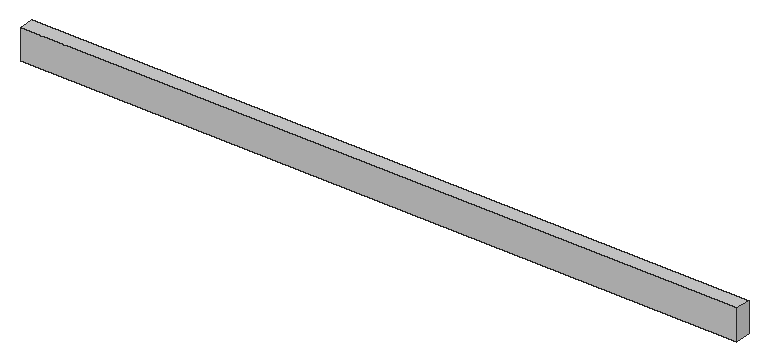
Revit family "e5873929fc1848c4b98ded31e25924e4", category Structural Framing, Revit 2021
Family settings
  Structural Framing Length Roundoff = 0' - 0"
  Section Shape = Rectangular Bar
  Material for Model Behavior = Steel
  Always export as geometry = No
  Family Name Key = Flat Bars
  OmniClass Number = 23.25.30.11.14.14
  OmniClass Title = Beams
  Seek Item ID = Flat Bar-0000-USA-ENU
  Always vertical = Yes
  Cut with Voids When Loaded = No
  Symbolic Representation = From Project Settings
  Shared = No
  Show family pre-cut in plan views = Yes
Parameters (values of type "FL 1X2")
  Width = 0' - 1"
  Torsional Moment of Inertia = 0.00 in⁴
  Torsional Modulus = 0.00 in³
  Structural Material [instance] = Steel ASTM A36
  Section Name Key = "Flat 1X2"
  Section Area = 2.00 in²
  Principal Axes Angle = 0.00°
  Plastic Modulus weak axis = 0.50 in³
  Plastic Modulus strong axis = 1.00 in³
  Perimeter = 6.00 ft²/ft
  Nominal Weight = 0.00 lbf/ft
  Moment of Inertia weak axis = 0.17 in⁴
  Moment of Inertia strong axis = 0.67 in⁴
  Height = 0' - 2"
  Elastic Modulus weak axis = 0.33 in³
  Elastic Modulus strong axis = 0.67 in³
  Centroid Vertical = Height / 2  # 1.000"
  Centroid Horizontal = Width / 2  # 0.500"
  Assembly Code = "B10"
  Length [instance] = 5' - 0"
Reference planes (in)
  plane 1 "Center (Front/Back)": y = 0
  plane 2: z = 0
  plane 3 "Center (Left/Right)": x = 0.1815
  plane 4 "Member Left": x = -23.8185
  plane 5 "Member Right": x = 24.1815
  plane 6: y = 0.5
  plane 7: y = -0.5
  plane 8 "Top": z = 1
  plane 9: z = -1
  plane 10 "Left": x = -29.8185
  plane 11 "Right": x = 30.1815
Forms (in)
  Sweep 1, solid, material "Steel ASTM A36", detail levels medium+fine
    path origin (0, 0, 0) x (1, 0, 0) y (0, 1, 0)
      loop
        line (-23.8185, 0) -> (24.1815, 0)
    profile "Flat Bar-Profile : Flat Bar-Profile" origin (0.1815, 0, 0) x (0, 1, 0) y (0, 0, 1)
      loop
        line (-0.5, 1) -> (-0.5, -1) -> (0.5, -1) -> (0.5, 1) -> (-0.5, 1)
Lines and regions (in)
  symbolic lines, style "Stick Symbols", detail levels coarse
    curve 1: line (0.1815, -0.5, -1) -> (0.1815, 0.5, -1)
    curve 2: line (0.1815, 0.5, -1) -> (0.1815, 0.5, 1)
    curve 3: line (0.1815, 0.5, 1) -> (0.1815, -0.5, 1)
    curve 4: line (0.1815, -0.5, 1) -> (0.1815, -0.5, -1)
Dimensions and locks (in)
  "Width": plane 6 to plane 7
  "Height": plane 9 to plane 8 "Top"
  equal spacing: plane 9, plane 2, plane 8 "Top"
  equal spacing: plane 6, plane 1 "Center (Front/Back)", plane 7
  "Length": plane 10 "Left" to plane 11 "Right"
  aligned and locked: plane 4 "Member Left" to Sweep 1 sketch curve
  aligned and locked: plane 1 "Center (Front/Back)" to Sweep 1 sketch curve
  aligned and locked: plane 5 "Member Right" to Sweep 1 sketch curve
Automatic sketch dimensions
  curve 4 to plane 7 = 0' - 0"
  curve 3 to plane 6 = 0' - 0"
  plane 9 to curve 1 = 0' - 0"
  plane 8 "Top" to curve 3 = 0' - 0"
